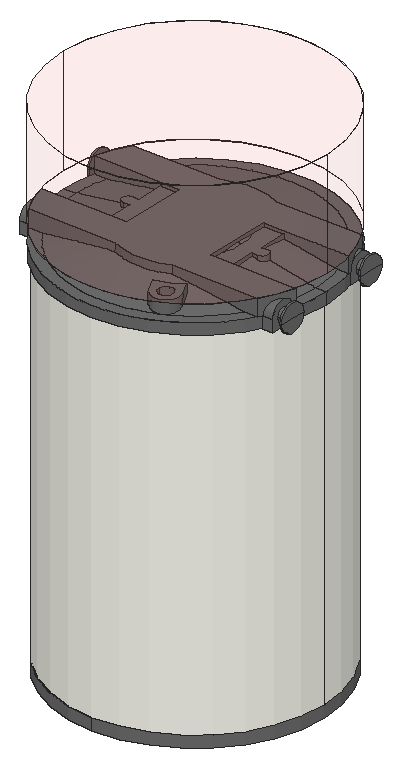
Revit family "Cooling_Plant-Accessories-Calmac-IceBank-Model-1220C3F", category Mechanical Equipment, Revit 2014 (continued)
Definition of nested family "Cooling_Plant_Accessories-Calmac-IceBank-Lid_C"
  Dimensions and locks (in)
    aligned and locked: curve 102 to cut or joined group of Revolve 1, Extrusion 2, Extrusion 4, Extrusion 5
    aligned and locked: cut or joined group of Revolve 1, Extrusion 2, Extrusion 4, Extrusion 5 to curve 103
    aligned and locked: cut or joined group of Revolve 1, Extrusion 2, Extrusion 4, Extrusion 5 to curve 110
    aligned and locked: curve 111 to Extrusion 3
    aligned and locked: curve 115 to cut or joined group of Revolve 1, Extrusion 2, Extrusion 4, Extrusion 5
    aligned and locked: plane 2 "Bottom" to curve 116
    aligned and locked: Masking region 3 sketch curve to cut or joined group of Revolve 1, Extrusion 2, Extrusion 4, Extrusion 5  (x2)
    aligned and locked: curve 121 to cut or joined group of Revolve 1, Extrusion 2, Extrusion 4, Extrusion 5
    aligned and locked: curve 122 to cut or joined group of Revolve 1, Extrusion 2, Extrusion 4, Extrusion 5
    aligned and locked: curve 123 to cut or joined group of Revolve 1, Extrusion 2, Extrusion 4, Extrusion 5
    aligned and locked: curve 124 to cut or joined group of Revolve 1, Extrusion 2, Extrusion 4, Extrusion 5
    aligned and locked: curve 125 to cut or joined group of Revolve 1, Extrusion 2, Extrusion 4, Extrusion 5
    aligned and locked: curve 126 to cut or joined group of Revolve 1, Extrusion 2, Extrusion 4, Extrusion 5
    aligned and locked: curve 127 to cut or joined group of Revolve 1, Extrusion 2, Extrusion 4, Extrusion 5
    aligned and locked: curve 128 to cut or joined group of Revolve 1, Extrusion 2, Extrusion 4, Extrusion 5
    aligned and locked: curve 129 to cut or joined group of Revolve 1, Extrusion 2, Extrusion 4, Extrusion 5
    aligned and locked: curve 130 to cut or joined group of Revolve 1, Extrusion 2, Extrusion 4, Extrusion 5
    aligned and locked: curve 131 to cut or joined group of Revolve 1, Extrusion 2, Extrusion 4, Extrusion 5
    aligned and locked: curve 132 to cut or joined group of Revolve 1, Extrusion 2, Extrusion 4, Extrusion 5
    aligned and locked: curve 133 to cut or joined group of Revolve 1, Extrusion 2, Extrusion 4, Extrusion 5
    aligned and locked: curve 134 to cut or joined group of Revolve 1, Extrusion 2, Extrusion 4, Extrusion 5
    aligned and locked: curve 135 to cut or joined group of Revolve 1, Extrusion 2, Extrusion 4, Extrusion 5
    aligned and locked: curve 136 to cut or joined group of Revolve 1, Extrusion 2, Extrusion 4, Extrusion 5
    aligned and locked: curve 137 to cut or joined group of Revolve 1, Extrusion 2, Extrusion 4, Extrusion 5
    aligned and locked: curve 138 to cut or joined group of Revolve 1, Extrusion 2, Extrusion 4, Extrusion 5
    aligned and locked: curve 139 to cut or joined group of Revolve 1, Extrusion 2, Extrusion 4, Extrusion 5
    aligned and locked: curve 140 to cut or joined group of Revolve 1, Extrusion 2, Extrusion 4, Extrusion 5
    aligned and locked: curve 141 to cut or joined group of Revolve 1, Extrusion 2, Extrusion 4, Extrusion 5
    aligned and locked: curve 142 to cut or joined group of Revolve 1, Extrusion 2, Extrusion 4, Extrusion 5
    aligned and locked: curve 143 to cut or joined group of Revolve 1, Extrusion 2, Extrusion 4, Extrusion 5
    aligned and locked: curve 144 to cut or joined group of Revolve 1, Extrusion 2, Extrusion 4, Extrusion 5
    aligned and locked: curve 145 to cut or joined group of Revolve 1, Extrusion 2, Extrusion 4, Extrusion 5
    aligned and locked: curve 146 to cut or joined group of Revolve 1, Extrusion 2, Extrusion 4, Extrusion 5
    aligned and locked: curve 147 to cut or joined group of Revolve 1, Extrusion 2, Extrusion 4, Extrusion 5
    aligned and locked: curve 148 to cut or joined group of Revolve 1, Extrusion 2, Extrusion 4, Extrusion 5
    aligned and locked: cut or joined group of Revolve 1, Extrusion 2, Extrusion 4, Extrusion 5 to curve 149
    aligned and locked: curve 150 to cut or joined group of Revolve 1, Extrusion 2, Extrusion 4, Extrusion 5
    aligned and locked: curve 151 to cut or joined group of Revolve 1, Extrusion 2, Extrusion 4, Extrusion 5
    aligned and locked: cut or joined group of Revolve 1, Extrusion 2, Extrusion 4, Extrusion 5 to curve 152
    aligned and locked: curve 153 to cut or joined group of Revolve 1, Extrusion 2, Extrusion 4, Extrusion 5
    aligned and locked: curve 154 to cut or joined group of Revolve 1, Extrusion 2, Extrusion 4, Extrusion 5
    aligned and locked: curve 155 to cut or joined group of Revolve 1, Extrusion 2, Extrusion 4, Extrusion 5
    aligned and locked: curve 156 to cut or joined group of Revolve 1, Extrusion 2, Extrusion 4, Extrusion 5
    aligned and locked: curve 157 to cut or joined group of Revolve 1, Extrusion 2, Extrusion 4, Extrusion 5
    aligned and locked: curve 158 to cut or joined group of Revolve 1, Extrusion 2, Extrusion 4, Extrusion 5
    aligned and locked: curve 159 to cut or joined group of Revolve 1, Extrusion 2, Extrusion 4, Extrusion 5
    aligned and locked: curve 160 to cut or joined group of Revolve 1, Extrusion 2, Extrusion 4, Extrusion 5
    aligned and locked: curve 161 to cut or joined group of Revolve 1, Extrusion 2, Extrusion 4, Extrusion 5
    aligned and locked: curve 162 to cut or joined group of Revolve 1, Extrusion 2, Extrusion 4, Extrusion 5
    aligned and locked: curve 163 to cut or joined group of Revolve 1, Extrusion 2, Extrusion 4, Extrusion 5
    aligned and locked: curve 164 to cut or joined group of Revolve 1, Extrusion 2, Extrusion 4, Extrusion 5
    aligned and locked: curve 127 to curve 165
    aligned and locked: plane 19 "Rigging Front" to curve 166
    aligned and locked: plane 9 "Rigging Back" to curve 166
    aligned and locked: curve 121 to curve 167
    aligned and locked: plane 19 "Rigging Front" to curve 168
    aligned and locked: plane 9 "Rigging Back" to curve 168
    aligned and locked: plane 8 "Piping Back" to curve 167  (x2)
    aligned and locked: Masking region 3 sketch curve to plane 5 "Back Connector Back"
    aligned and locked: Masking region 3 sketch curve to plane 44 "Connection Sleeve Left"
    aligned and locked: plane 45 "Connection Sleeve Right" to Masking region 3 sketch curve
    aligned and locked: plane 15 "Front Connection Front" to Masking region 3 sketch curve
    aligned and locked: curve 169 to cut or joined group of Revolve 1, Extrusion 2, Extrusion 4, Extrusion 5
    aligned and locked: curve 170 to cut or joined group of Revolve 1, Extrusion 2, Extrusion 4, Extrusion 5
    aligned and locked: curve 171 to curve 169
    aligned and locked: curve 172 to curve 170
    aligned and locked: curve 173 to cut or joined group of Revolve 1, Extrusion 2, Extrusion 4, Extrusion 5
    aligned and locked: curve 174 to cut or joined group of Revolve 1, Extrusion 2, Extrusion 4, Extrusion 5
    aligned and locked: curve 175 to cut or joined group of Revolve 1, Extrusion 2, Extrusion 4, Extrusion 5
    aligned and locked: curve 176 to cut or joined group of Revolve 1, Extrusion 2, Extrusion 4, Extrusion 5
    aligned and locked: curve 177 to cut or joined group of Revolve 1, Extrusion 2, Extrusion 4, Extrusion 5
    aligned and locked: curve 178 to cut or joined group of Revolve 1, Extrusion 2, Extrusion 4, Extrusion 5
    aligned and locked: curve 179 to cut or joined group of Revolve 1, Extrusion 2, Extrusion 4, Extrusion 5
    aligned and locked: curve 180 to cut or joined group of Revolve 1, Extrusion 2, Extrusion 4, Extrusion 5
    aligned and locked: cut or joined group of Revolve 1, Extrusion 2, Extrusion 4, Extrusion 5 to curve 181
    aligned and locked: curve 182 to cut or joined group of Revolve 1, Extrusion 2, Extrusion 4, Extrusion 5
    aligned and locked: curve 183 to cut or joined group of Revolve 1, Extrusion 2, Extrusion 4, Extrusion 5
    aligned and locked: curve 184 to cut or joined group of Revolve 1, Extrusion 2, Extrusion 4, Extrusion 5
    aligned and locked: curve 185 to cut or joined group of Revolve 1, Extrusion 2, Extrusion 4, Extrusion 5
    aligned and locked: curve 186 to cut or joined group of Revolve 1, Extrusion 2, Extrusion 4, Extrusion 5
    aligned and locked: curve 187 to cut or joined group of Revolve 1, Extrusion 2, Extrusion 4, Extrusion 5
    aligned and locked: curve 188 to cut or joined group of Revolve 1, Extrusion 2, Extrusion 4, Extrusion 5
    aligned and locked: curve 189 to cut or joined group of Revolve 1, Extrusion 2, Extrusion 4, Extrusion 5
    aligned and locked: curve 190 to cut or joined group of Revolve 1, Extrusion 2, Extrusion 4, Extrusion 5
    aligned and locked: cut or joined group of Revolve 1, Extrusion 2, Extrusion 4, Extrusion 5 to curve 191
    aligned and locked: cut or joined group of Revolve 1, Extrusion 2, Extrusion 4, Extrusion 5 to curve 192
    aligned and locked: cut or joined group of Revolve 1, Extrusion 2, Extrusion 4, Extrusion 5 to curve 193
    aligned and locked: cut or joined group of Revolve 1, Extrusion 2, Extrusion 4, Extrusion 5 to curve 194
    aligned and locked: curve 195 to cut or joined group of Revolve 1, Extrusion 2, Extrusion 4, Extrusion 5
    aligned and locked: cut or joined group of Revolve 1, Extrusion 2, Extrusion 4, Extrusion 5 to curve 196
    aligned and locked: curve 197 to cut or joined group of Revolve 1, Extrusion 2, Extrusion 4, Extrusion 5
    aligned and locked: cut or joined group of Revolve 1, Extrusion 2, Extrusion 4, Extrusion 5 to curve 198
    aligned and locked: plane 6 "Back Connector Center" to nested 4
    aligned and locked: nested 4 to plane 44 "Connection Sleeve Left"
    aligned and locked: nested 1 to plane 6 "Back Connector Center"
    aligned and locked: nested 1 to plane 45 "Connection Sleeve Right"
    aligned and locked: plane 16 "Fron Connector Center" to nested 2
    aligned and locked: nested 2 to plane 45 "Connection Sleeve Right"
    aligned and locked: nested 3 to plane 16 "Fron Connector Center"
    aligned and locked: nested 3 to plane 44 "Connection Sleeve Left"
    aligned and locked: plane 2 "Bottom" to curve 201
    aligned and locked: plane 1 "Center (Front/Back)" to curve 201
    aligned and locked: plane 3 "Center (Left/Right)" to nested 5
    aligned and locked: plane 1 "Center (Front/Back)" to nested 5
    aligned: plane 54 "Top of Clearance Box" to nested 5
    aligned: plane 55 "Top" to nested 5  (x4)
    aligned and locked: Masking region 1 to plane 55 "Top"
    aligned and locked: plane 57 "Center (Elevation)" to Extrusion 3 sketch curve  (x4)
    aligned and locked: plane 7 "Back Connector Front" to Extrusion 3 sketch curve
    aligned and locked: plane 55 "Top" to cut or joined group of Revolve 1, Extrusion 2, Extrusion 4, Extrusion 5
    aligned and locked: plane 57 "Center (Elevation)" to curve 172
    aligned and locked: cut or joined group of Revolve 1, Extrusion 2, Extrusion 4, Extrusion 5 to plane 57 "Center (Elevation)"
    aligned: plane 57 "Center (Elevation)" to nested 1  (x2)
    aligned: plane 57 "Center (Elevation)" to nested 2  (x2)
    aligned and locked: plane 57 "Center (Elevation)" to cut or joined group of Revolve 1, Extrusion 2, Extrusion 4, Extrusion 5  (x5)
    aligned and locked: curve 171 to plane 57 "Center (Elevation)"
    aligned: plane 57 "Center (Elevation)" to nested 3
    aligned and locked: curve 120 to plane 56 "Connector Channel Top"
    aligned and locked: curve 114 to plane 56 "Connector Channel Top"
    aligned: Masking region 2 to plane 55 "Top"
    aligned: plane 56 "Connector Channel Top" to Masking region 2
    aligned and locked: plane 21 "Top Front Edge" to Masking region 2
    aligned and locked: plane 58 "Front Inset 2" to Masking region 2
    aligned and locked: plane 57 "Center (Elevation)" to curve 78
    aligned and locked: curve 173 to plane 57 "Center (Elevation)"
    aligned and locked: curve 77 to plane 8 "Piping Back"
    aligned and locked: plane 9 "Rigging Back" to curve 86
    aligned and locked: plane 19 "Rigging Front" to curve 80
    aligned and locked: curve 95 to plane 18 "Piping Front"
    aligned and locked: curve 84 to plane 10 "Rigging Loop Back"
    aligned and locked: curve 82 to plane 20 "Rigging Loop Front"
    aligned and locked: cut or joined group of Revolve 1, Extrusion 2, Extrusion 4, Extrusion 5 to plane 56 "Connector Channel Top"
    aligned and locked: nested 5 to plane 54 "Top of Clearance Box"
    aligned and locked: plane 57 "Center (Elevation)" to nested 1
    aligned and locked: plane 57 "Center (Elevation)" to nested 2
    aligned and locked: plane 57 "Center (Elevation)" to nested 3
    aligned and locked: plane 55 "Top" to nested 5  (x6)
    aligned and locked: plane 54 "Top of Clearance Box" to nested 5  (x4)
    aligned and locked: Masking region 2 sketch curve to plane 55 "Top"
    aligned and locked: plane 56 "Connector Channel Top" to Masking region 2 sketch curve
    aligned and locked: curve 202 to curve 187
    aligned and locked: curve 203 to curve 186
    aligned and locked: curve 204 to curve 185
    aligned and locked: curve 205 to curve 184
    aligned and locked: curve 206 to curve 183
    aligned and locked: curve 207 to curve 182
    aligned and locked: curve 208 to curve 181
    aligned and locked: curve 209 to curve 180
    aligned and locked: curve 210 to curve 179
    aligned and locked: curve 211 to curve 190
    aligned and locked: curve 212 to curve 189
    aligned and locked: curve 213 to curve 188
    aligned and locked: curve 214 to curve 172
    aligned and locked: curve 215 to curve 171
  Automatic sketch dimensions
    Extrusion 4 sketch curve to Extrusion 4 sketch curve = 0"
    Extrusion 5 sketch curve to plane 9 "Rigging Back" = 0"
    Extrusion 2 sketch curve to Extrusion 2 sketch curve = 0"  (x5)
    Extrusion 2 sketch curve to plane 35 "Top Left" = 0"
    Extrusion 2 sketch curve to plane 3 "Center (Left/Right)" = 0"
    Extrusion 2 sketch curve to plane 9 "Rigging Back" = 0"
    plane 30 "Left Lip Inset" to Extrusion 2 sketch curve = 1.96722"  (x2)
    plane 38 "Lid Inset Right" to Extrusion 2 sketch curve = 1.96722"  (x2)
    Extrusion 2 sketch curve to plane 20 "Rigging Loop Front" = 0.60261"
    Extrusion 2 sketch curve to plane 10 "Rigging Loop Back" = 0.60261"
    Masking region 2 sketch curve to plane 27 "Pad Eye Front Center" = 0.69072"
    Masking region 3 sketch curve to Masking region 3 sketch curve = 0"  (x7)
    Masking region 3 sketch curve to plane 5 "Back Connector Back" = 0"
    plane 15 "Front Connection Front" to Masking region 3 sketch curve = 0"
    Masking region 3 sketch curve to plane 43 "Top Right" = 29.61091"
    Masking region 3 sketch curve to plane 45 "Connection Sleeve Right" = 0"
    plane 38 "Lid Inset Right" to Masking region 3 sketch curve = 1.34348"
    Revolve 1 sketch curve to Revolve 1 sketch curve = 3 3/4"
    Revolve 1 sketch curve to Revolve 1 sketch curve = 9"
    Revolve 1 sketch curve to Revolve 1 sketch curve = 0"
    Masking region 1 sketch curve to Masking region 1 sketch curve = 9 1/4"
    Masking region 2 sketch curve to plane 22 "Front Inset" = 0"
    Masking region 2 sketch curve to Masking region 2 sketch curve = 3 3/4"
    Masking region 2 sketch curve to Masking region 2 sketch curve = 0.64281"
    level to Masking region 2 sketch curve = 6.26888"
    level to Masking region 2 sketch curve = 6.54801"
    Masking region 2 sketch curve to Masking region 2 sketch curve = 0.27913"
    Masking region 2 sketch curve to Masking region 2 sketch curve = 3.60719"
    curve 97 to level = 0"
    curve 97 to plane 44 "Connection Sleeve Left" = 0"
    curve 119 to plane 57 "Center (Elevation)" = 0"
    curve 119 to level = 0"
    curve 100 to plane 50 "Top Left Inset" = 0"
    curve 99 to plane 3 "Center (Left/Right)" = 0"
    curve 101 to plane 56 "Connector Channel Top" = 0"
    plane 43 "Top Right" to curve 103 = 0"
    plane 51 "Top Right Inset" to curve 110 = 0"
    curve 116 to plane 57 "Center (Elevation)" = 0"
    plane 45 "Connection Sleeve Right" to curve 114 = 0"
    curve 111 to level = 0"
    curve 100 to plane 55 "Top" = 0"
    curve 110 to plane 55 "Top" = 0"
    plane 44 "Connection Sleeve Left" to curve 117 = 0.88726"
    curve 117 to plane 30 "Left Lip Inset" = 0.835"
    curve 117 to plane 50 "Top Left Inset" = 0.71316"
    curve 119 to curve 98 = 0.55915"
    plane 50 "Top Left Inset" to curve 115 = 4.45635"
    curve 99 to plane 32 "Left Rigging Loop Inset" = 1.17979"
    plane 35 "Top Left" to curve 99 = 0"
    plane 43 "Top Right" to curve 99 = 0.20898"
    plane 57 "Center (Elevation)" to curve 106 = 0.73854"
    curve 106 to plane 43 "Top Right" = 2.02375"
    plane 46 "Right Center" to curve 106 = 0.99812"
    plane 46 "Right Center" to curve 106 = 0.88046"
    curve 108 to plane 46 "Right Center" = 0.34333"
    plane 41 "Right Rigging Loop Left" to curve 107 = 0.48196"
    curve 107 to curve 107 = 0.0769"
    plane 41 "Right Rigging Loop Left" to curve 102 = 0.25712"
    curve 109 to curve 98 = 5.53004"
    curve 116 to plane 51 "Top Right Inset" = 0.55915"
    curve 112 to plane 51 "Top Right Inset" = 0.71316"
    curve 114 to plane 38 "Lid Inset Right" = 0.835"
    plane 45 "Connection Sleeve Right" to curve 112 = 0.88726"
    plane 57 "Center (Elevation)" to curve 107 = 0.21408"
    plane 57 "Center (Elevation)" to curve 101 = 1.59188"
    plane 57 "Center (Elevation)" to curve 112 = 1.76036"
    plane 57 "Center (Elevation)" to curve 118 = 1.76036"
    curve 104 to curve 109 = 1.3737"
    curve 101 to curve 99 = 1.22618"
    level to curve 115 = 6.56901"
    curve 198 to plane 18 "Piping Front" = 0"
    curve 198 to plane 57 "Center (Elevation)" = 0"
    curve 198 to plane 55 "Top" = 0"
    curve 197 to plane 57 "Center (Elevation)" = 0.14855"
    curve 197 to plane 8 "Piping Back" = 0"
    curve 197 to plane 55 "Top" = 0"
    curve 196 to plane 18 "Piping Front" = 0"
    curve 195 to plane 8 "Piping Back" = 0"
    curve 195 to plane 57 "Center (Elevation)" = 0"
    curve 195 to plane 55 "Top" = 0"
    curve 196 to plane 57 "Center (Elevation)" = 0"
    curve 196 to plane 55 "Top" = 0.21345"
    curve 122 to curve 126 = 0"  (x2)
    curve 122 to curve 130 = 0"  (x2)
    curve 122 to curve 134 = 0"  (x2)
    curve 122 to curve 140 = 0"  (x2)
    curve 122 to curve 141 = 0"
    curve 122 to curve 155 = 0"
    curve 122 to curve 156 = 0"  (x2)
    curve 122 to curve 166 = 0"  (x2)
    curve 122 to curve 168 = 0"  (x2)
    curve 122 to curve 171 = 0"  (x2)
    curve 122 to curve 173 = 0"  (x2)
    curve 122 to curve 174 = 0"  (x2)
    curve 122 to curve 175 = 0"  (x2)
    curve 122 to curve 176 = 0"
    curve 122 to curve 177 = 0"  (x2)
    curve 122 to curve 178 = 0"
    curve 128 to curve 186 = 0"  (x2)
    curve 136 to curve 180 = 0"
    curve 161 to curve 163 = 0"
    curve 161 to curve 164 = 0"
    curve 133 to plane 52 "Right Side Chanel" = 0"
    curve 131 to plane 52 "Right Side Chanel" = 0"
    curve 178 to plane 38 "Lid Inset Right" = 0"
    plane 20 "Rigging Loop Front" to curve 145 = 0"
    plane 1 "Center (Front/Back)" to curve 146 = 0"
    curve 143 to plane 41 "Right Rigging Loop Left" = 0"
    curve 147 to plane 41 "Right Rigging Loop Left" = 0"
    curve 189 to plane 42 "Right Rigging Left" = 0"
    curve 128 to plane 43 "Top Right" = 0"
    curve 135 to plane 43 "Top Right" = 0"
    plane 18 "Piping Front" to curve 186 = 0"
    curve 186 to plane 43 "Top Right" = 0"
    curve 165 to plane 3 "Center (Left/Right)" = 0"
    curve 186 to plane 3 "Center (Left/Right)" = 0"
    curve 180 to plane 3 "Center (Left/Right)" = 0"
    curve 167 to plane 3 "Center (Left/Right)" = 0"
    plane 18 "Piping Front" to curve 127 = 0"
    curve 123 to plane 34 "Left Rigging Right" = 0"
    curve 153 to plane 33 "Left Rigging Loop Right" = 0"
    curve 158 to plane 33 "Left Rigging Loop Right" = 0"
    curve 150 to plane 10 "Rigging Loop Back" = 0"
    plane 1 "Center (Front/Back)" to curve 150 = 0"
    curve 122 to plane 50 "Top Left Inset" = 0"
    curve 126 to plane 50 "Top Left Inset" = 0"
    curve 176 to plane 30 "Left Lip Inset" = 0"
    curve 168 to curve 178 = 0"
    curve 130 to curve 174 = 4.45635"
    curve 165 to curve 174 = 0"
    plane 51 "Top Right Inset" to curve 173 = 4.45635"
    curve 167 to curve 173 = 0"
    curve 145 to plane 40 "Right Rigging Loop Inset" = 1.25367"
    curve 161 to plane 24 "Pad Eye Back Left Offset" = 0.24397"
    plane 41 "Right Rigging Loop Left" to curve 161 = 0.73123"
    curve 163 to plane 46 "Right Center" = 0.40154"
    plane 46 "Right Center" to curve 162 = 0.11395"
    curve 161 to plane 42 "Right Rigging Left" = 1.55753"
    curve 141 to plane 42 "Right Rigging Left" = 1.24396"
    plane 25 "Pad Eye Hole" to curve 161 = 0.41045"
    plane 42 "Right Rigging Left" to curve 161 = 2.62837"
    plane 26 "Pad Eye Back Left" to curve 160 = 0.04987"
    plane 43 "Top Right" to curve 160 = 0.20898"
    plane 43 "Top Right" to curve 179 = 0.88239"
    plane 1 "Center (Front/Back)" to curve 159 = 0.00093"
    plane 3 "Center (Left/Right)" to curve 159 = 0.00344"
    curve 156 to plane 34 "Left Rigging Right" = 1.24396"
    curve 150 to plane 32 "Left Rigging Loop Inset" = 1.24992"
    curve 166 to curve 175 = 0"
    curve 180 to plane 10 "Rigging Loop Back" = 0.60261"
    curve 167 to plane 1 "Center (Front/Back)" = 0.00493"
    curve 159 to curve 165 = 0.03088"
    curve 128 to plane 20 "Rigging Loop Front" = 0.60261"
    curve 194 to plane 19 "Rigging Front" = 0"
    curve 193 to plane 9 "Rigging Back" = 0"
    curve 194 to plane 57 "Center (Elevation)" = 0"
    curve 193 to plane 57 "Center (Elevation)" = 0"
    curve 194 to plane 55 "Top" = 0"
    curve 193 to plane 55 "Top" = 0"
    curve 192 to plane 57 "Center (Elevation)" = 0"
    curve 192 to plane 55 "Top" = 0"
    curve 191 to plane 9 "Rigging Back" = 0"
    curve 191 to plane 57 "Center (Elevation)" = 0"
    curve 191 to plane 55 "Top" = 0"
    curve 192 to plane 19 "Rigging Front" = 0"
    curve 92 to plane 21 "Top Front Edge" = 0"
    curve 76 to plane 11 "Top Back Edge" = 0"
    curve 78 to plane 12 "Back Inset" = 0"
    level to curve 74 = 0"
    level to curve 89 = 0"
    level to curve 90 = 0"
    level to curve 75 = 0"
    plane 56 "Connector Channel Top" to curve 81 = 0"
    plane 56 "Connector Channel Top" to curve 85 = 0"
    curve 80 to plane 55 "Top" = 0"
    curve 77 to plane 55 "Top" = 0"
    curve 201 to plane 55 "Top" = 0"
    curve 86 to plane 55 "Top" = 0"
    curve 95 to plane 55 "Top" = 0"
    plane 23 "Pad Eye Back Right" to curve 91 = 0.21387"
    curve 91 to plane 58 "Front Inset 2" = 0.00052"
    plane 22 "Front Inset" to curve 96 = 0.00227"
    plane 18 "Piping Front" to curve 92 = 0.02422"
    curve 93 to plane 20 "Rigging Loop Front" = 0.00136"
    plane 1 "Center (Front/Back)" to curve 94 = 0.0138"
    plane 1 "Center (Front/Back)" to curve 94 = 0.00177"
    curve 93 to plane 1 "Center (Front/Back)" = 0.01386"
    curve 94 to plane 10 "Rigging Loop Back" = 0.00136"
    curve 76 to plane 8 "Piping Back" = 0.00969"
    plane 56 "Connector Channel Top" to curve 93 = 1.56605"
    plane 56 "Connector Channel Top" to curve 76 = 1.45199"
    plane 56 "Connector Channel Top" to curve 92 = 1.45199"
    curve 94 to curve 93 = 0.32132"
    curve 94 to curve 83 = 0.34177"
    curve 94 to curve 84 = 0.00054"
    curve 94 to curve 94 = 0.00054"
    curve 82 to curve 93 = 0.00002"
    curve 93 to curve 93 = 0.00002"
    curve 16 to curve 167 = 1.61517"
    curve 18 to curve 18 = 0.6236"
    curve 17 to plane 11 "Top Back Edge" = 1.60052"
    curve 18 to curve 17 = 0.6236"
    curve 18 to curve 16 = 1.56427"
    curve 16 to curve 17 = 1.24719"
    curve 18 to curve 17 = 0.78196"
    curve 17 to curve 17 = 1.24746"
    curve 16 to curve 17 = 1.56393"
    curve 15 to plane 31 "Left Rigging Loop Left" = 0.92879"
    curve 15 to curve 15 = 0.78196"
    curve 15 to curve 13 = 1.24746"
    curve 15 to curve 14 = 0.78196"
    curve 13 to curve 14 = 1.56393"
    curve 14 to curve 16 = 5.29454"
    curve 15 to curve 14 = 0.6236"
    curve 14 to curve 14 = 1.56427"
    curve 13 to curve 14 = 1.24719"
    plane 1 "Center (Front/Back)" to curve 60 = 0"
    curve 1 to plane 47 "Bolt Inset Right" = 0"
    curve 41 to plane 14 "Front" = 0"
    curve 41 to plane 47 "Bolt Inset Right" = 0"
    curve 42 to plane 3 "Center (Left/Right)" = 0"
    curve 2 to plane 48 "Bolt Inset Left" = 0"
    plane 1 "Center (Front/Back)" to curve 24 = 0"
    plane 4 "Back" to curve 2 = 0"
    plane 4 "Back" to curve 1 = 0"
    plane 49 "Bolt Inset Center" to curve 3 = 0"
    curve 40 to plane 14 "Front" = 0"
    curve 58 to plane 37 "Right" = 0.00227"
    curve 59 to plane 37 "Right" = 0.00227"
    curve 61 to plane 52 "Right Side Chanel" = 0.5656"
    curve 56 to plane 52 "Right Side Chanel" = 0.5656"
    curve 55 to plane 52 "Right Side Chanel" = 0.12048"
    curve 62 to plane 52 "Right Side Chanel" = 0.12048"
    plane 45 "Connection Sleeve Right" to curve 60 = 0.26851"
    curve 56 to plane 38 "Lid Inset Right" = 0.97814"
    curve 63 to plane 38 "Lid Inset Right" = 0.97814"
    curve 63 to plane 38 "Lid Inset Right" = 0.75558"
    curve 57 to plane 38 "Lid Inset Right" = 0.75558"
    curve 62 to plane 38 "Lid Inset Right" = 0.53302"
    curve 55 to plane 38 "Lid Inset Right" = 0.53302"
    curve 53 to plane 23 "Pad Eye Back Right" = 1.03206"
    plane 51 "Top Right Inset" to curve 53 = 3.26006"
    plane 51 "Top Right Inset" to curve 64 = 3.26006"
    plane 26 "Pad Eye Back Left" to curve 52 = 1.31658"
    curve 53 to curve 52 = 1.24719"
    curve 64 to curve 65 = 1.24719"
    curve 64 to curve 66 = 1.56427"
    curve 64 to plane 11 "Top Back Edge" = 1.60052"
    plane 23 "Pad Eye Back Right" to curve 53 = 0.21541"
    curve 53 to curve 53 = 1.56427"
    curve 53 to curve 54 = 0.6236"
    curve 66 to curve 66 = 0.6236"  (x2)
    curve 54 to curve 52 = 0.6236"
    curve 67 to plane 39 "Right Rigging Loop Right" = 3.74019"
    plane 25 "Pad Eye Hole" to curve 50 = 0.6295"
    curve 50 to plane 39 "Right Rigging Loop Right" = 3.74019"
    curve 67 to curve 67 = 1.24746"
    curve 50 to curve 50 = 1.24746"
    curve 49 to plane 25 "Pad Eye Hole" = 0.61769"
    curve 50 to curve 49 = 1.56393"
    curve 67 to curve 68 = 1.56393"
    curve 69 to curve 69 = 0.78196"
    curve 50 to curve 51 = 0.78196"
    curve 49 to plane 39 "Right Rigging Loop Right" = 0.92879"
    curve 69 to plane 39 "Right Rigging Loop Right" = 0.92879"
    plane 41 "Right Rigging Loop Left" to curve 47 = 0.54143"
    plane 41 "Right Rigging Loop Left" to curve 70 = 0.54143"
    plane 41 "Right Rigging Loop Left" to curve 48 = 1.40954"
    plane 41 "Right Rigging Loop Left" to curve 72 = 1.40954"
    curve 72 to plane 46 "Right Center" = 0.53926"
    curve 48 to plane 46 "Right Center" = 0.53926"
    plane 22 "Front Inset" to curve 46 = 0.13961"
    curve 46 to plane 46 "Right Center" = 0.50624"
    plane 12 "Back Inset" to curve 71 = 0.13961"
    curve 71 to plane 46 "Right Center" = 0.50624"
    plane 46 "Right Center" to curve 48 = 0.36187"
    plane 46 "Right Center" to curve 72 = 0.36187"
    curve 4 to plane 43 "Top Right" = 1.29276"
    curve 44 to plane 43 "Top Right" = 1.29276"
    curve 45 to plane 43 "Top Right" = 0.84755"
    plane 13 "Back Bolt Front" to curve 6 = 0.28224"
    curve 6 to plane 43 "Top Right" = 0.84755"
    plane 43 "Top Right" to curve 45 = 0.12755"
    plane 13 "Back Bolt Front" to curve 6 = 0.05968"
    plane 43 "Top Right" to curve 6 = 0.12755"
    plane 43 "Top Right" to curve 43 = 0.65743"
    plane 43 "Top Right" to curve 5 = 0.65743"
    curve 45 to curve 43 = 0.97509"
    curve 5 to plane 13 "Back Bolt Front" = 0.16288"
    curve 9 to plane 13 "Back Bolt Front" = 0.16288"
    plane 35 "Top Left" to curve 9 = 1.10264"
    plane 35 "Top Left" to curve 38 = 1.10264"
    plane 35 "Top Left" to curve 38 = 0.65743"
    plane 35 "Top Left" to curve 7 = 0.65743"
    plane 35 "Top Left" to curve 39 = 0.12755"
    plane 13 "Back Bolt Front" to curve 9 = 0.05968"
    plane 35 "Top Left" to curve 9 = 0.12755"
    curve 39 to plane 22 "Front Inset" = 0.53076"
    curve 39 to plane 35 "Top Left" = 0.84755"
    plane 13 "Back Bolt Front" to curve 8 = 0.28224"
    curve 8 to plane 35 "Top Left" = 1.29276"
    curve 37 to plane 35 "Top Left" = 1.29276"
    plane 33 "Left Rigging Loop Right" to curve 36 = 3.21178"
    plane 33 "Left Rigging Loop Right" to curve 12 = 3.21178"
    plane 12 "Back Inset" to curve 10 = 0.13961"
    curve 10 to curve 10 = 0.8681"
    plane 22 "Front Inset" to curve 35 = 0.13961"
    curve 36 to curve 35 = 0.8681"
    curve 12 to curve 12 = 0.90112"
    curve 35 to curve 36 = 0.90112"
    curve 12 to curve 11 = 0.90112"
    curve 36 to plane 58 "Front Inset 2" = 0.83541"
    curve 36 to curve 36 = 0.90112"
    plane 33 "Left Rigging Loop Right" to curve 11 = 0.54143"
    plane 33 "Left Rigging Loop Right" to curve 34 = 0.54143"
    curve 32 to plane 31 "Left Rigging Loop Left" = 0.92879"
    curve 32 to curve 33 = 0.78196"
    curve 32 to plane 25 "Pad Eye Hole" = 0.61769"
    curve 33 to curve 32 = 1.24746"
    curve 33 to curve 33 = 0.78196"
    plane 25 "Pad Eye Hole" to curve 31 = 0.6295"
    curve 32 to curve 31 = 1.56393"
    curve 30 to curve 165 = 1.61517"
    curve 29 to plane 23 "Pad Eye Back Right" = 1.34852"
    curve 29 to curve 30 = 0.6236"
    plane 23 "Pad Eye Back Right" to curve 28 = 0.21541"
    curve 30 to curve 28 = 0.6236"
    plane 26 "Pad Eye Back Left" to curve 29 = 1.31658"
    curve 30 to curve 29 = 1.56427"
    curve 28 to plane 23 "Pad Eye Back Right" = 1.03206"
    curve 29 to curve 28 = 1.24719"
    curve 19 to plane 30 "Left Lip Inset" = 0.53302"
    curve 27 to plane 30 "Left Lip Inset" = 0.53302"
    curve 21 to plane 30 "Left Lip Inset" = 0.75558"
    curve 27 to plane 30 "Left Lip Inset" = 0.75558"
    curve 20 to plane 30 "Left Lip Inset" = 0.97814"
    curve 27 to plane 30 "Left Lip Inset" = 0.97814"
    plane 44 "Connection Sleeve Left" to curve 23 = 0.26851"
    curve 26 to plane 53 "Left Side Channel" = 0.12048"
    curve 19 to plane 53 "Left Side Channel" = 0.12048"
    curve 20 to plane 53 "Left Side Channel" = 0.5656"
    curve 25 to plane 53 "Left Side Channel" = 0.5656"
    curve 22 to plane 29 "Left" = 0.00227"
    curve 23 to plane 29 "Left" = 0.00227"
    plane 4 "Back" to curve 5 = 0.88851"
    plane 4 "Back" to curve 7 = 0.88851"
    curve 8 to plane 49 "Bolt Inset Center" = 0.66715"
    curve 4 to plane 49 "Bolt Inset Center" = 0.66715"
    plane 12 "Back Inset" to curve 11 = 1.00752"
    plane 12 "Back Inset" to curve 70 = 1.00752"
    plane 12 "Back Inset" to curve 10 = 1.94225"
    plane 12 "Back Inset" to curve 71 = 1.94225"
    curve 12 to curve 12 = 0.43396"
    curve 71 to curve 72 = 0.43396"
    plane 12 "Back Inset" to curve 68 = 5.22954"
    curve 68 to curve 67 = 1.24719"
    curve 68 to curve 68 = 1.56427"
    curve 68 to curve 69 = 0.6236"
    curve 65 to curve 64 = 2.81139"
    curve 65 to curve 64 = 1.56393"
    curve 65 to curve 66 = 0.78196"
    curve 19 to plane 9 "Rigging Back" = 0.41389"
    curve 62 to plane 9 "Rigging Back" = 0.41389"
    curve 21 to plane 9 "Rigging Back" = 0.85911"
    curve 62 to plane 9 "Rigging Back" = 0.85911"
    curve 62 to curve 63 = 0.97509"
    curve 21 to curve 21 = 0.97509"
    curve 62 to curve 61 = 1.95019"
    curve 19 to curve 20 = 1.95019"
    curve 59 to plane 10 "Rigging Loop Back" = 0.99983"
    curve 24 to plane 10 "Rigging Loop Back" = 0.99983"
    curve 25 to plane 19 "Rigging Front" = 2.80929"
    curve 56 to plane 19 "Rigging Front" = 2.80929"
    curve 57 to curve 56 = 0.44521"
    curve 25 to curve 25 = 0.44521"
    curve 56 to curve 57 = 0.97509"
    curve 27 to curve 27 = 0.97509"
    curve 26 to plane 19 "Rigging Front" = 0.41389"
    curve 55 to plane 19 "Rigging Front" = 0.41389"
    curve 54 to plane 23 "Pad Eye Back Right" = 0.56656"
    curve 33 to curve 31 = 1.56427"
    curve 51 to curve 50 = 1.56427"
    curve 50 to curve 51 = 0.6236"
    curve 33 to curve 33 = 0.6236"
    curve 48 to plane 58 "Front Inset 2" = 0.83541"
    curve 36 to curve 36 = 0.43396"
    curve 47 to curve 48 = 0.43396"
    plane 22 "Front Inset" to curve 47 = 1.00752"
    plane 22 "Front Inset" to curve 34 = 1.00752"
    curve 44 to plane 22 "Front Inset" = 0.53076"
    curve 39 to plane 22 "Front Inset" = 0.75332"
    curve 45 to plane 22 "Front Inset" = 0.75332"
    curve 40 to plane 22 "Front Inset" = 1.81422"
    plane 14 "Front" to curve 44 = 1.33363"
    plane 14 "Front" to curve 37 = 1.33363"
    plane 14 "Front" to curve 43 = 0.88851"
    plane 14 "Front" to curve 38 = 0.88851"
    curve 200 to plane 3 "Center (Left/Right)" = 0"
    curve 210 to curve 209 = 0.88239"
    curve 199 to plane 37 "Right" = 0"
    plane 1 "Center (Front/Back)" to curve 199 = 0"
    curve 199 to plane 29 "Left" = 0"
    curve 214 to curve 216 = 0"  (x2)
    curve 214 to curve 217 = 0"  (x2)
    curve 202 to plane 51 "Top Right Inset" = 0"
    plane 14 "Front" to curve 200 = 0.00227"
    curve 207 to plane 53 "Left Side Channel" = 0"
    plane 4 "Back" to curve 200 = 0.00227"
  Nested families (in)
    nested 1: "Cooling_Plant_Accessories-Calmac-IceBank-4-Inch Flanged Connection" at (42.58273, 16.5, 3.75), Pipe Material <- "Pipe Material", visible <- "Is Back Right Flanged Connector Visibility", type <- "Connections Front", type "Flange"
      with Pipe Material Plastic- Calmac- Black
    nested 2: "Cooling_Plant_Accessories-Calmac-IceBank-4-Inch Flanged Connection" at (42.58273, -16.5, 3.75), Pipe Material <- "Pipe Material", visible <- "Is Front Right  Flanged Connector Visibility", type <- "Connections Front", type "Flange"
      with Pipe Material Plastic- Calmac- Black
    nested 3: "Cooling_Plant_Accessories-Calmac-IceBank-4-Inch Flanged Connection" at (-42.58273, -16.5, 3.75) x (-1, 0, 0) z (0, 0, 1), Pipe Material <- "Pipe Material", visible <- "Is Front Left  Flanged Connector Visibility", type <- "Connections Rear", type "Flange"
      with Pipe Material Plastic- Calmac- Black
    nested 4: "Cooling_Plant_Accessories-Calmac-IceBank-4-Inch Flanged Connection" at (-42.58273, 16.5, 3.75) x (-1, 0, 0) z (0, 0, 1), Pipe Material <- "Pipe Material", visible <- "Is Back Left  Flanged Connector Visibility", type <- "Connections Rear", type "Flange"
      with Pipe Material Plastic- Calmac- Black
    nested 5: "Cooling_Plant_Accessories-Calmac-IceBankClearance Box" at (0, 0, 15.25), CTRL Radius <- "CTRL Radius", visible <- "Is Clearance Box Visible", type "Include Clearance"
      with Width 88 5/8", Height 36", Depth 88 5/8", CTRL Radius 44 5/16"
  Definition of nested family "Cooling_Plant_Accessories-Calmac-IceBank-4-Inch Flanged Connection"
    Parameters (values of type "Flange")
      Pipe Material [instance] = none
      No Flange = not(Has Flange)  # no
      Has Flange = yes
    Types (3): name | No Flange | Has Flange
      (no name) | no | yes
      Flange | no | yes
      No Flange | yes | no
    Reference planes (in)
      plane 1 "Center (Front/Back)": y = 0
      plane 2 "Center (Elevation)": z = 0
      plane 3 "Center (Left/Right)": x = 0
      plane 4 "Back": y = 4.5
      plane 5 "Back Face": x = 2.79297
      plane 6 "Base Back": y = 2.25
      plane 7 "Fase Back": y = 3
      plane 8 "Front": y = -4.5
      plane 9 "Base Front": y = -2.25
      plane 10 "Face Front": y = -3
      plane 11 "Face": x = 3.41797
      plane 12 "T.O. Flange": z = 4.5
      plane 13 "T.O. Pipe": z = 2.25
      plane 14 "B.O. Flange": z = -4.5
      plane 15 "B.O. Pipe": z = -2.25
    Forms (in)
      Revolve 1, solid, material <- "Pipe Material", visible <- "Has Flange", detail levels fine
        sketch origin (0, 0, 0) x (1, 0, 0) y (0, 1, 0)
          loop
            line (0, 2.25) -> (0, 0) -> (3.41797, 0) -> (3.41797, 4.5) -> (2.79297, 4.5) -> (2.79297, 2.25) -> (0, 2.25)
          axis (0, 0) -> (3.41797, 0)
        angle from 0 to 360
      Extrusion 2, solid, material <- "Pipe Material", visible <- "No Flange", detail levels fine
        sketch origin (3.41797, 0, 0) x (0, 1, 0) y (0, 0, 1)
          loop
            circle (0, 0) r 2.25
        from -3.41797 to 0
    Lines and regions (in)
      Masking region 1, detail levels fine
        outline origin (0, 0, 0) x (0, 1, 0) y (0, 0, 1)
          loop
            circle (0, 0) r 4.5
      Masking region 2, visible <- "Has Flange", detail levels fine
        outline origin (0, 0, 0) x (1, 0, 0) y (0, 0, 1)
          loop
            line (3.41797, 4.5) -> (2.79297, 4.5) -> (2.79297, 2.25) -> (0, 2.25) -> (0, -2.25) -> (2.79297, -2.25) -> (2.79297, -4.5) -> (3.41797, -4.5) -> (3.41797, 4.5)
      Masking region 3, visible <- "Has Flange", detail levels fine
        outline origin (0, 0, 0) x (1, 0, 0) y (0, 1, 0)
          loop
            line (0, 2.25) -> (0, -2.25) -> (2.79297, -2.25) -> (2.79297, -4.5) -> (3.41797, -4.5) -> (3.41797, 4.5) -> (2.79297, 4.5) -> (2.79297, 2.25) -> (0, 2.25)
      Masking region 4, visible <- "No Flange", detail levels fine
        outline origin (0, 0, 0) x (1, 0, 0) y (0, 1, 0)
          loop
            line (0, 2.25) -> (0, -2.25) -> (3.41797, -2.25) -> (3.41797, 2.25) -> (0, 2.25)
      Masking region 5, visible <- "No Flange"
        outline origin (0, 0, 0) x (1, 0, 0) y (0, 0, 1)
          loop
            line (0, 2.25) -> (0, -2.25) -> (3.41797, -2.25) -> (3.41797, 2.25) -> (0, 2.25)
      model lines, style "Piping", detail levels coarse+medium
        curve 1: line (0, 0, 0) -> (3.41797, 0, 0)
      model lines, style "Piping", visible <- "Has Flange", detail levels medium
        curve 2: arc (3.41797, -4.5, 0) -> (3.41797, 0, 4.5) -> (3.41797, 4.5, 0) r 4.5
        curve 3: arc (3.41797, 4.5, 0) -> (3.41797, 0, -4.5) -> (3.41797, -4.5, 0) r 4.5
      symbolic lines, detail levels coarse+medium
        curve 4: line (0, 0, 0) -> (3.41797, 0, 0)
        curve 5: line (0, 0, 0) -> (3.41797, 0, 0)
    Dimensions and locks (in)
      locked: plane 4 "Back" to plane 7 "Fase Back" at 1.5
      locked: plane 4 "Back" to plane 6 "Base Back" at 2.25
      locked: plane 8 "Front" to plane 10 "Face Front" at 1.5
      locked: plane 8 "Front" to plane 9 "Base Front" at 2.25
      locked: plane 1 "Center (Front/Back)" to plane 6 "Base Back" at 2.25
      locked: plane 9 "Base Front" to plane 1 "Center (Front/Back)" at 2.25
      locked: plane 3 "Center (Left/Right)" to plane 11 "Face" at 3.41797
      locked: plane 5 "Back Face" to plane 11 "Face" at 0.625
      locked: plane 2 "Center (Elevation)" to plane 14 "B.O. Flange" at 4.5
      locked: plane 2 "Center (Elevation)" to plane 15 "B.O. Pipe" at 2.25
      locked: plane 12 "T.O. Flange" to plane 2 "Center (Elevation)" at 4.5
      locked: plane 12 "T.O. Flange" to plane 13 "T.O. Pipe" at 2.25
      aligned and locked: Revolve 1 sketch curve to plane 3 "Center (Left/Right)"
      aligned and locked: Revolve 1 sketch curve to plane 5 "Back Face"
      aligned and locked: Revolve 1 sketch curve to plane 11 "Face"
      aligned and locked: Revolve 1 sketch curve to plane 1 "Center (Front/Back)"
      aligned and locked: Revolve 1 sketch curve to plane 4 "Back"
      aligned and locked: Revolve 1 sketch curve to plane 6 "Base Back"
      aligned and locked: plane 1 "Center (Front/Back)" to Revolve 1 sketch curve  (x2)
      aligned and locked: plane 3 "Center (Left/Right)" to Revolve 1 sketch curve
      aligned and locked: Masking region 1 sketch curve to Revolve 1  (x2)
      aligned and locked: Masking region 2 sketch curve to Revolve 1  (x3)
      aligned and locked: Masking region 2 sketch curve to plane 5 "Back Face"
      aligned and locked: Masking region 2 sketch curve to plane 3 "Center (Left/Right)"
      aligned and locked: Masking region 3 sketch curve to plane 3 "Center (Left/Right)"
      aligned and locked: Masking region 3 sketch curve to plane 4 "Back"
      aligned and locked: Masking region 3 sketch curve to plane 6 "Base Back"
      aligned and locked: plane 9 "Base Front" to Masking region 3 sketch curve
      aligned and locked: plane 8 "Front" to Masking region 3 sketch curve
      aligned and locked: Masking region 3 sketch curve to plane 11 "Face"
      aligned and locked: Masking region 3 sketch curve to plane 5 "Back Face"  (x2)
      aligned and locked: plane 1 "Center (Front/Back)" to curve 1
      aligned and locked: plane 3 "Center (Left/Right)" to curve 1
      aligned and locked: curve 2 to Revolve 1
      aligned and locked: curve 3 to Revolve 1
      aligned and locked: plane 11 "Face" to curve 1
      aligned and locked: plane 11 "Face" to curve 4
      aligned and locked: plane 3 "Center (Left/Right)" to curve 4
      aligned and locked: plane 1 "Center (Front/Back)" to curve 4
      aligned and locked: plane 11 "Face" to curve 5
      aligned and locked: plane 3 "Center (Left/Right)" to curve 5
      aligned and locked: curve 5 to plane 2 "Center (Elevation)"
      aligned and locked: Masking region 2 to plane 12 "T.O. Flange"
      aligned and locked: plane 13 "T.O. Pipe" to Masking region 2
      aligned and locked: plane 2 "Center (Elevation)" to curve 1
      aligned and locked: plane 15 "B.O. Pipe" to Masking region 2
      aligned and locked: Masking region 2 to plane 14 "B.O. Flange"
      aligned and locked: plane 1 "Center (Front/Back)" to Extrusion 2 sketch curve
      aligned and locked: plane 2 "Center (Elevation)" to Extrusion 2 sketch curve
      aligned and locked: Extrusion 2 to plane 3 "Center (Left/Right)"
      aligned and locked: plane 11 "Face" to Extrusion 2
      aligned and locked: Masking region 4 sketch curve to plane 9 "Base Front"
      aligned and locked: Masking region 4 sketch curve to plane 6 "Base Back"
      aligned and locked: plane 3 "Center (Left/Right)" to Masking region 4 sketch curve
      aligned and locked: Masking region 4 sketch curve to plane 11 "Face"
      aligned and locked: Masking region 5 sketch curve to plane 11 "Face"
      aligned and locked: plane 13 "T.O. Pipe" to Masking region 5 sketch curve
      aligned and locked: plane 3 "Center (Left/Right)" to Masking region 5 sketch curve
      aligned and locked: plane 15 "B.O. Pipe" to Masking region 5 sketch curve
  Definition of nested family "Cooling_Plant_Accessories-Calmac-IceBankClearance Box"
    Parameters (values of type "Include Clearance")
      Width [instance] = CTRL Radius * 2  # 89"
      Height [instance] = 36"
      Depth [instance] = Width  # 89"
      Clearance Material = Clearance
      CTRL Radius [instance] = 44 1/2"
      Assembly Code = ""
    Reference planes (in)
      plane 1 "Center (Front/Back)": y = 0
      plane 2 "Bottom": z = -6
      plane 3 "Center (Left/Right)": x = 0
      plane 4 "Top": z = 30
      plane 5 "Back": y = 44.5
      plane 6 "Left": x = -44.5
      plane 7 "Front": y = -44.5
      plane 8 "Right": x = 44.5
      plane 9 "Center (Elevation)": z = 12
    Forms (in)
      Extrusion 1, solid, material "Clearance" <- "Clearance Material"
        sketch origin (0, 0, 30) x (-1, 0, 0) y (0, -1, 0)
          loop
            circle (0, 0) r 44.5
        from -36 to 0
    Lines and regions (in)
      symbolic lines, style "Clearance"
        curve 1: line (-44.5, 0, 30) -> (44.5, 0, 30)
        curve 2: line (-44.5, 0, -6) -> (-44.5, 0, 30)
        curve 3: line (44.5, 0, -6) -> (-44.5, 0, -6)
        curve 4: line (44.5, 0, 30) -> (44.5, 0, -6)
        curve 5: line (0, -44.5, 30) -> (0, 44.5, 30)
        curve 6: line (0, -44.5, -6) -> (0, -44.5, 30)
        curve 7: line (0, 44.5, -6) -> (0, -44.5, -6)
        curve 8: line (0, 44.5, 30) -> (0, 44.5, -6)
        curve 9: circle (0, 0, 30) r 44.5 normal (0, 0, 1)
    Dimensions and locks (in)
      "Height": plane 4 "Top" to plane 2 "Bottom"
      "Depth": plane 5 "Back" to plane 7 "Front"
      "Width": plane 6 "Left" to plane 8 "Right"
      equal spacing: plane 6 "Left", plane 3 "Center (Left/Right)", plane 8 "Right"
      equal spacing: plane 5 "Back", plane 1 "Center (Front/Back)", plane 7 "Front"
      equal spacing: plane 4 "Top", plane 9 "Center (Elevation)", plane 2 "Bottom"
      "CTRL Radius": radius of Extrusion 1 sketch curve
      "CTRL Radius": radius of curve 9
      aligned: level to plane 2 "Bottom"
      aligned and locked: plane 3 "Center (Left/Right)" to Extrusion 1 sketch curve
      aligned and locked: plane 1 "Center (Front/Back)" to Extrusion 1 sketch curve
      aligned and locked: plane 3 "Center (Left/Right)" to curve 9
      aligned and locked: plane 1 "Center (Front/Back)" to curve 9
      aligned and locked: Extrusion 1 to plane 2 "Bottom"
      aligned and locked: plane 2 "Bottom" to curve 3
      aligned and locked: plane 2 "Bottom" to curve 7
      aligned and locked: plane 4 "Top" to Extrusion 1
      aligned and locked: curve 1 to plane 4 "Top"
      aligned and locked: curve 5 to plane 4 "Top"
      aligned and locked: curve 8 to plane 5 "Back"
      aligned and locked: curve 6 to plane 7 "Front"
      aligned and locked: curve 4 to plane 8 "Right"
      aligned and locked: curve 2 to plane 6 "Left"
